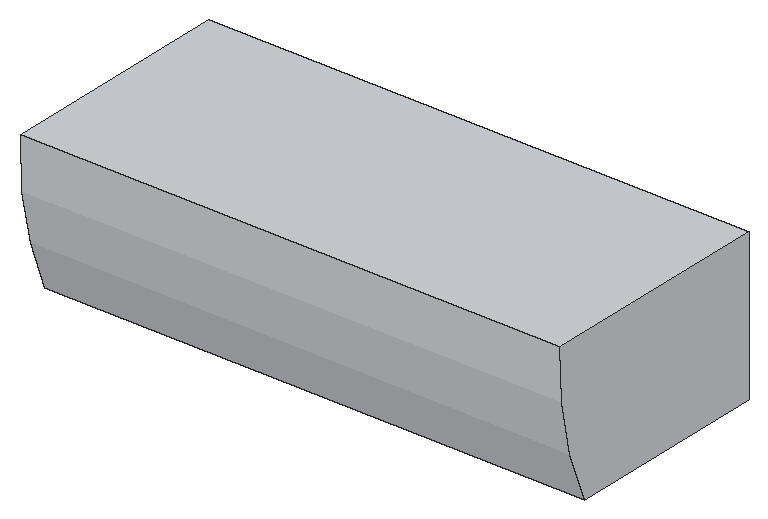
Revit family "M_Degrau", category Modelos genéricos, Revit 2019
Family settings
  Pode hospedar o vergalhão = Não
  Cota do conector redondo = Utilizar diâmetro
  Tipo de parte = Normal
  Número OmniClass = 23.50.05.17
  Título OmniClass = Escalators
  ID de item do Seek = Step-0000-CAN-ENU
  Com base no plano de trabalho = Não
  Sempre na vertical = Sim
  Corte com vazios quando carregada = Não
  Compartilhado = Não
  Ponto de cálculo do ambiente = Não
Parameters
  Largura = 700 mm
  Material = none
  Comprimento = 305 mm
  Altura = 195 mm
Reference planes
  plane 1 "Centro (Frente/Trás)": y = 0
  plane 2: z = 0
  plane 3 "Centro (Esquerda/Direita)": x = 0
  plane 4: x = -350
  plane 5: x = 350
  plane 6: y = 152.5
  plane 7: y = -152.5
  plane 8: z = 195
  plane 9: y = -112.5
Forms (mm)
  Extrusion 1, solid, material <- "Material"
    sketch origin (0, 0, 0) x (0, 1, 0) y (0, 0, 1)
      loop
        line (152.5, 195) -> (-152.5, 195)
        arc (-152.5, 195) -> (-144.075, 95.126) -> (-112.5, 0) r 425.086
        line (-112.5, 0) -> (152.5, 0) -> (152.5, 195)
    from -350 to 350
Dimensions and locks
  "Largura": plane 4 to plane 5
  equal spacing: plane 4, plane 3 "Centro (Esquerda/Direita)", plane 5
  "Altura": level to plane 8
  equal spacing: plane 7, plane 1 "Centro (Frente/Trás)", plane 6
  "Comprimento": plane 7 to plane 6
  locked: Extrusion 1 sketch curve to plane 7 at 40
  aligned and locked: plane 4 to Extrusion 1
  aligned and locked: plane 5 to Extrusion 1
  aligned and locked: Extrusion 1 sketch curve to plane 6
  aligned and locked: plane 7 to Extrusion 1 sketch curve
  aligned: plane 9 to Extrusion 1
Automatic sketch dimensions
  Extrusion 1 sketch curve to level = 0 mm
  Extrusion 1 sketch curve to plane 8 = 0 mm
  plane 8 to Extrusion 1 sketch curve = 14.456 mm
